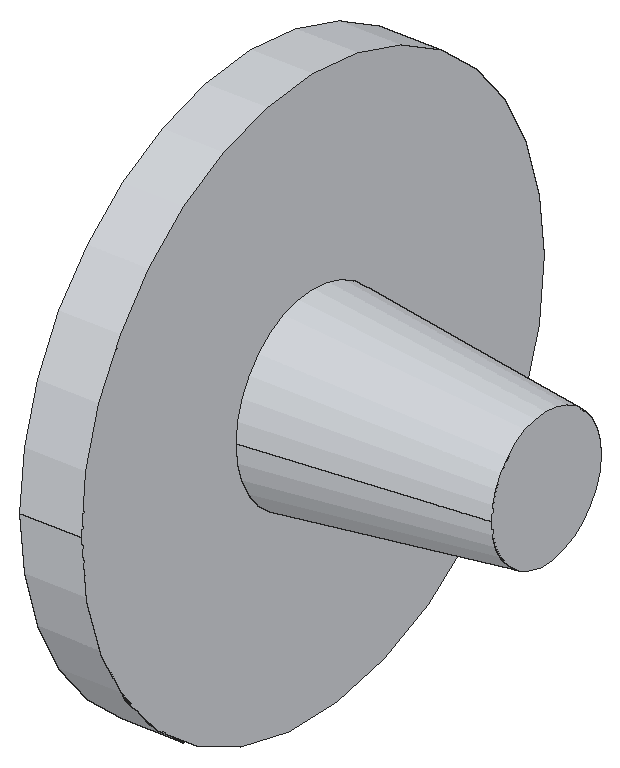
Revit family "12f9b6add9f643a3b9006ddc0250eb95", category Pipe Fittings, Revit 2021
Family settings
  Round Connector Dimension = Use Radius
  Part Type = Flange
  OmniClass Number = 23.60.30.11.14
  OmniClass Title = Pipework Fittings
  Seek Item ID = Flange - Weld Neck - Steel - Class 150-0000-USA-ENU
  Work Plane-Based = No
  Always vertical = Yes
  Cut with Voids When Loaded = No
  Shared = No
Parameters (values of type "Standard")
  Tick Size [instance] = Flange Outside Diameter * 0.4  # 1.41732"
  Raised Face Thickness [instance] = 1/16"  # constant formula
  Raised Face Radius [instance] = Raised Face Diameter / 2  # 0.68701"
  Raised Face Diameter [instance] = size_lookup(Lookup Table Name, "RFD", 1.11 * Nominal Diameter + 1 47/128", Nominal Diameter)  # 1.37402"
  Nominal Radius [instance] = 1/4"
  Nominal Diameter [instance] = Nominal Radius * 2  # 1/2"
  Loss Method = Not Defined
  Lookup Table Name = "Flange - Weld Neck - Steel - Class 150"
  Length Through Hub [instance] = size_lookup(Lookup Table Name, "LTH", 0.18 * Nominal Diameter + 2 33/256", Nominal Diameter)  # 1.81102"
  Hub Radius [instance] = Hub Diameter / 2  # 0.59055"
  Hub Diameter [instance] = size_lookup(Lookup Table Name, "HDia", 1.08 * Nominal Diameter + 61/64", Nominal Diameter)  # 1.1811"
  Hub Beginning Radius [instance] = Hub Beginning Diameter / 2  # 0.41929"
  Hub Beginning Diameter [instance] = size_lookup(Lookup Table Name, "HBD", 1 * Nominal Diameter + 29/64", Nominal Diameter)  # 0.83858"
  Flange Thickness [instance] = size_lookup(Lookup Table Name, "FThk", 0.05 * Nominal Diameter + 143/256", Nominal Diameter)  # 0.37795"
  Flange Outside Radius [instance] = Flange Outside Diameter / 2  # 1.77165"
  Flange Outside Diameter [instance] = size_lookup(Lookup Table Name, "FOD", 1.24 * Nominal Diameter + 3 135/256", Nominal Diameter)  # 3.54331"
  Default Elevation = 0' - 0"
Reference planes (in)
  plane 1 "Center (Front/Back)": y = 0
  plane 2: z = 0
  plane 3 "Center (Left/Right)": x = 0
  plane 4: x = 0.0625
  plane 5: x = 0.44045
  plane 6: x = 1.87352
  plane 7: y = 1.41732
  plane 8: y = -1.41732
Forms (in)
  Sweep 1, solid, detail levels fine
    path in 3D
      loop
        line (0, 0, 0) -> (0.0625, 0, 0)
    profile origin (0.03125, 0, 0) x (0, 1, 0) y (0, 0, 1)
      loop
        circle (0, 0) r 0.68701
  Sweep 2, solid, detail levels fine
    path in 3D
      loop
        line (0.0625, 0, 0) -> (0.44045, 0, 0)
    profile origin (0.25148, 0, 0) x (0, 1, 0) y (0, 0, 1)
      loop
        circle (0, 0) r 1.77165
  SweptBlend 3, solid, detail levels fine
    path in 3D
      loop
        line (0.44045, 0, 0) -> (1.87352, 0, 0)
    profile origin (0.44045, 0, 0) x (0, 1, 0) y (0, 0, 1)
      loop
        circle (0, 0) r 0.59055
    end profile origin (1.87352, 0, 0) x (0, 1, 0) y (0, 0, 1)
      loop
        circle (0, 0) r 0.41929
Cuts and joins
  joined: Sweep 1, Sweep 2, SweptBlend 3
Lines and regions (in)
  model lines, detail levels coarse+medium
    curve 1: line (0, 0, 0) -> (0.0625, 0, 0)
    curve 2: line (0.0625, 0, 0) -> (0.44045, 0, 0)
    curve 3: line (0.44045, 0, 0) -> (1.87352, 0, 0)
    curve 6: line (0.44045, 1.41732, 0) -> (0.44045, -1.41732, 0)
  sketch lines
    curve 4: line (0, 0, 0) -> (0.0625, 0, 0)
    curve 5: line (0.0625, 0, 0) -> (0.44045, 0, 0)
    curve 7: line (0.44045, 0, 0) -> (1.87352, 0, 0)
Dimensions and locks (in)
  "Raised Face Thickness": plane 3 "Center (Left/Right)" to plane 4
  "Flange Thickness": plane 4 to plane 5
  "Length Through Hub": plane 4 to plane 6
  equal spacing: plane 7, plane 1 "Center (Front/Back)", plane 8
  "Tick Size": plane 7 to plane 1 "Center (Front/Back)"
  "Raised Face Radius": radius of Sweep 1 sketch curve
  "Flange Outside Radius": radius of Sweep 2 sketch curve
  "Hub Radius": radius of SweptBlend 3 sketch curve
  "Hub Beginning Radius": radius of SweptBlend 3 sketch curve
  aligned and locked: plane 3 "Center (Left/Right)" to curve 1
  aligned and locked: plane 4 to curve 1
  aligned and locked: plane 1 "Center (Front/Back)" to curve 1
  aligned and locked: plane 1 "Center (Front/Back)" to curve 2
  aligned and locked: plane 5 to curve 3
  aligned and locked: plane 6 to curve 3
  aligned and locked: plane 1 "Center (Front/Back)" to curve 3
  aligned and locked: plane 7 to curve 6
  aligned and locked: plane 8 to curve 6
  aligned and locked: curve 6 to plane 5
  aligned and locked: plane 1 "Center (Front/Back)" to SweptBlend 3 sketch curve  (x2)
  aligned and locked: plane 2 to SweptBlend 3 sketch curve  (x2)
Automatic sketch dimensions
  Sweep 1 sketch curve to profile plane = 0' - 0"  (x2)
  Sweep 2 sketch curve to profile plane = 0' - 0"  (x2)
Connectors (in)
  piping at (0, 0, 0), diameter 0.5, driven by "Nominal Radius"
    settings: on cut or joined group of Sweep 1, Sweep 2, SweptBlend 3, index 1, connector inside diameter 1/2", connector length 0' - 0", flow factor 0, pipe flow 0 GPM, pressure drop 0.00 psi, fitting loss kfactor 0, connector angle 0.00°, fixture units 0, engagement length 0' - 0", angle of deflection 0.00°, flow configuration 0, flow direction 0, fitting loss method 0, system type 28, joint type 0, gender type 0, connector reference index 2, connector utility 0, adjustable connector no, is connector primary yes, connector description ""
  piping at (1.87352, 0, 0), diameter 0.5, driven by "Nominal Radius"
    settings: on cut or joined group of Sweep 1, Sweep 2, SweptBlend 3, index 2, connector inside diameter 1/2", connector length 0' - 0", flow factor 0, pipe flow 0 GPM, pressure drop 0.00 psi, fitting loss kfactor 0, connector angle 0.00°, fixture units 0, engagement length 0' - 0", angle of deflection 0.00°, flow configuration 0, flow direction 0, fitting loss method 0, system type 28, joint type 0, gender type 0, connector reference index 1, connector utility 0, adjustable connector no, is connector primary no, connector description ""
